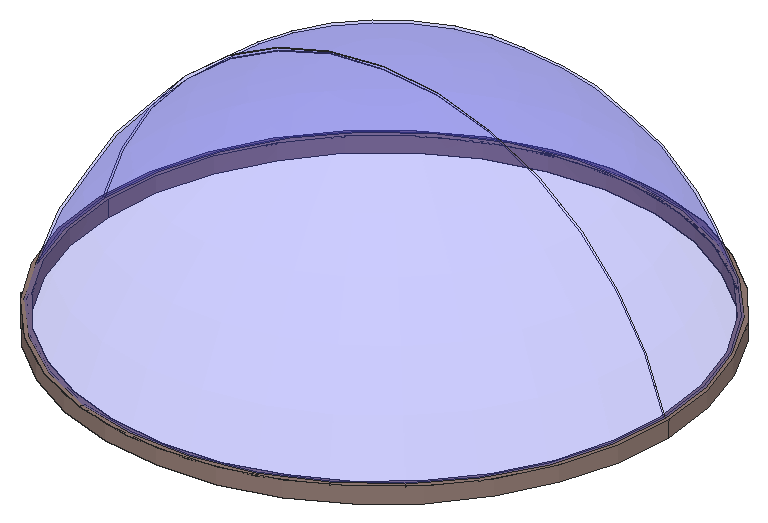
Revit family "03aac867f2a94587aea5019eb6ac6a88", category Windows, host Roof, Revit 2021
Family settings
  Host = Roof
  OmniClass Number = 23.30.30.14.11
  OmniClass Title = Domed Unit Skylights
  Always vertical = No
  Cut with Voids When Loaded = No
  Shared = No
  Room Calculation Point = No
Parameters (values of type "36" Diameter")
  Visual Light Transmittance = 0.9
  Thermal Resistance (R) = 0.9899 (h·ft²·°F)/BTU
  Solar Heat Gain Coefficient = 0.86
  Roof Thickness [instance] = 0' - 6"
  Radius = 3' - 0"
  Outer Radius = Radius / sin(Angle)  # 3' - 1.26994"
  Length 5 = 0' 0 3/8" + Length 1  # 3' - 0 3/8"
  Length 4 = Outer Radius * sin(Angle) - sqrt((Inner Radius ^ 2) + (Outer Radius * sin(Angle)) ^ 2 - (Outer Radius ^ 2))  # 0' - 0.25888"
  Length 3 = Outer Radius * cos(Angle)  # 0' - 9.64617"
  Length 2 = Length 1 - Length 4 - 0' 0 3/8"  # 2' - 11.36612"
  Length 1 = Radius  # 3' - 0"
  Inner Radius = Outer Radius - 0' 0 1/4"  # 3' - 1.01994"
  Heat Transfer Coefficient (U) = 1.0102 BTU/(h·ft²·°F)
  Glass Panel Material = Glass
  Frame Material = Metal - Bronze, Light Brush
  Fire Rating = "0.5h"
  Assembly Code = "B2020100"
  Angle = 75.00°
  Analytic Construction = "Single-glazed windows - domestic"
Types (5): name | Radius | Outer Radius | Length 5 | Length 4 | Length 3 | Length 2 | Length 1 | Inner Radius
  (no name) | 3' - 0" | 3' - 1.26994" | 3' - 0 3/8" | 0' - 0.25888" | 0' - 9.64617" | 2' - 11.36612" | 3' - 0" | 3' - 1.01994"
  24" Diameter | 2' - 0" | 2' - 0.84663" | 2' - 0 3/8" | 0' - 0.25891" | 0' - 6.43078" | 1' - 11.36609" | 2' - 0" | 2' - 0.59663"
  36" Diameter | 3' - 0" | 3' - 1.26994" | 3' - 0 3/8" | 0' - 0.25888" | 0' - 9.64617" | 2' - 11.36612" | 3' - 0" | 3' - 1.01994"
  48" Diameter | 4' - 0" | 4' - 1.69326" | 4' - 0 3/8" | 0' - 0.25887" | 1' - 0.86156" | 3' - 11.36613" | 4' - 0" | 4' - 1.44326"
  60" Diameter | 5' - 0" | 5' - 2.11657" | 5' - 0 3/8" | 0' - 0.25886" | 1' - 4.07695" | 4' - 11.36614" | 5' - 0" | 5' - 1.86657"
Reference planes (in)
  plane 1 "Center (Front/Back)": y = 0
  plane 2 "Roof": z = 144
  plane 3 "Center (Left/Right)": x = 0
  plane 4: x = -35.74112
  plane 5: x = 35.74112
  plane 6: x = -36
  plane 7: x = 36
  plane 8: z = 150
  plane 9 "Arc Center": z = 142.35383
  plane 10: z = 152
Forms (in)
  Extrusion 1, void
    sketch origin (0, 0, 144) x (1, 0, 0) y (0, 1, 0)
      loop
        circle (0, 0) r 36
    from 0 to 6
  Revolve 2, solid
    sketch origin (0, 0, 0) x (1, 0, 0) y (0, 0, 1)
      loop
        arc (-35.74112, 152) -> (-22.50188, 171.72668) -> (0, 179.34798) r 37.02905
        line (0, 179.34798) -> (0, 179.62377)
        arc (0, 179.62377) -> (-22.6885, 171.92206) -> (-36, 152) r 37.26994
        line (-36, 152) -> (-35.74112, 152)
      axis (0, 179.62377) -> (0, 152)
    angle from 0 to 360
  Extrusion 3, solid, material "Metal - Bronze, Light Brush" <- "Frame Material"
    sketch origin (0, 0, 144) x (1, 0, 0) y (0, 1, 0)
      loop
        circle (0, 0) r 36.375
      loop
        circle (0, 0) r 35.36612
    from 6 to 8
Dimensions and locks (in)
  equal spacing: host sketch curve, plane 3 "Center (Left/Right)", host sketch curve
  equal spacing: host sketch curve, plane 1 "Center (Front/Back)", host sketch curve
  "Length 1": plane 6 to plane 3 "Center (Left/Right)"
  "Length 4": plane 6 to plane 4
  "Length 1": plane 3 "Center (Left/Right)" to plane 7
  "Length 4": plane 5 to plane 7
  "Roof Thickness": plane 8 to plane 2 "Roof"
  locked: plane 10 to plane 8 at 2
  "Length 3": plane 10 to plane 9 "Arc Center"
  "Length 1": radius of Extrusion 1 sketch curve
  "Length 5": radius of Extrusion 3 sketch curve
  "Length 2": radius of Extrusion 3 sketch curve
  aligned and locked: plane 2 "Roof" to level
  aligned and locked: plane 1 "Center (Front/Back)" to Extrusion 1 sketch curve
  aligned and locked: plane 3 "Center (Left/Right)" to Extrusion 1 sketch curve
  aligned and locked: host roof to Extrusion 1
  aligned and locked: Extrusion 1 to plane 2 "Roof"
  aligned and locked: plane 8 to host roof
  aligned and locked: plane 10 to Revolve 2 sketch curve
  aligned and locked: plane 4 to Revolve 2 sketch curve
  aligned and locked: plane 3 "Center (Left/Right)" to Revolve 2 sketch curve  (x3)
  aligned and locked: Revolve 2 sketch curve to plane 3 "Center (Left/Right)"  (x2)
  aligned and locked: plane 10 to Extrusion 3
  aligned and locked: Extrusion 3 to plane 8
  aligned and locked: plane 9 "Arc Center" to Revolve 2 sketch curve
  aligned and locked: Revolve 2 sketch curve to plane 10
Automatic sketch dimensions
  Revolve 2 sketch curve to plane 6 = 0' - 0"
  Revolve 2 sketch curve to Revolve 2 sketch curve = 0' - 0.03491"
  Revolve 2 sketch curve to plane 2 "Roof" = 2' - 7.3139"
  Revolve 2 sketch curve to Revolve 2 sketch curve = 0' - 5.77899"
  Extrusion 3 sketch curve to Extrusion 3 sketch curve = 0' - 0"  (x2)
  plane 1 "Center (Front/Back)" to Extrusion 3 sketch curve = 0' - 0"
  Extrusion 3 sketch curve to plane 3 "Center (Left/Right)" = 0' - 0"
